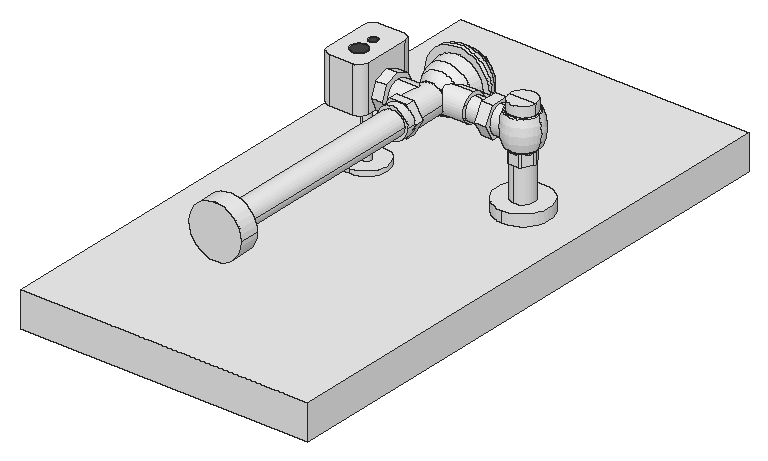
Revit family "Flush_Valve-sensor-Hardwired-Zurn-Exposed-Water_closet-ZEMS6000AV-IS", category Plumbing Fixtures, host Face, Revit 2022
Family settings
  Host = Face
  Round Connector Dimension = Use Radius
  Part Type = Normal
  OmniClass Number = 23.45.05.14.99
  OmniClass Title = Other Sanitary Washing Plumbing Fixtures
  Cut with Voids When Loaded = No
  Maintain Annotation Orientation = No
  Shared = No
  Room Calculation Point = No
Parameters (values of type "Load Family Type Catalog")
  Waste Connection = 1 = 0  # no
  WFU = 0  # constant formula
  Vent Connection = 1 = 0  # no
  Valve Height [instance] = 16.00"
  Type Comments = "ZEMS6000AV-ONE-IS (1.1 GPF, 11-1/2\" R-I)"
  Repair Parts URL = "https://files.zurn.com/care-cleaning-install-warranty-sheets/fv343.pdf#page=9"
  Product data URL = "https://www.bimobject.com/en-us/zurnindustries/product/zurn_zems6000av-is"
  Product Page URL = "https://www.zurn.com/products/finish-plumbing/sensor-flush-valves/gear-driven-hardwire/zems6000av-is"
  Product Installation Sheet URL = "https://files.zurn.com/care-cleaning-install-warranty-sheets/fv343.pdf"
  Product Documentation Link = "https://files.zurn.com/spec-sheets/zems6000av-is_spec.pdf"
  Operating Water Pressure (PSI) = "25 – 80 PSI (172 – 552 kPa)"  # constant formula
  Modified Date = "01/08/2026"  # constant formula
  Max Working Water Temperature = 104 °F  # constant formula
  Manufacturer Brand = "Zurn"  # constant formula
  Main Material = Chrome-Plated Brass - Zurn - Polished
  Inlet Connection Size (inch) = 1.00"
  HWFU = 0  # constant formula
  HW Connection = 1 = 0  # no
  Flush Rate (GPF) = "1.1 GPF"
  Enter Value of  Centerline of Flush Valve to Wall (2.25- 4.25) [instance] = 5.00"
  URL = "https://www.zurn.com/"
  Model = "ZEMS6000AV-IS"  # constant formula
  Manufacturer = "Zurn Water, LLC"  # constant formula
  Description = "Exposed Hardwired Automatic Sensor Flush Valve Closet with Integral Sensor"  # constant formula
  Default Elevation = 48.00"
  Date Created = "01/08/2026"  # constant formula
  Centerline of Stop Valve to Centerline of Flush Valve = 4.75"  # constant formula
  Centerline of Flush Valve to Wall [instance] = if([Enter Value of  Centerline of Flush Valve to Wall (2.25- 4.25)] < 2.25", 2.25", if([Enter Value of  Centerline of Flush Valve to Wall (2.25- 4.25)] > 4.25", 4.25", [Enter Value of  Centerline of Flush Valve to Wall (2.25- 4.25)]))  # 4.25"
  CWFU = 1  # constant formula
  CW Connection = 1 = 1  # yes
  Assembly Code = "D2010.60"
  Activation Method = "Sensor Operated"  # constant formula
Reference planes (in)
  plane 1 "Center (Front/Back)": y = 0
  plane 2: z = 0
  plane 3 "Center (Left/Right)": x = 0
  plane 4: y = 0
  plane 5: x = 4.75
  plane 6: z = 4.25
  plane 7: z = 4.25
  plane 8: x = 1.44
  plane 9: z = 4.25
  plane 10: y = 22.38
  plane 11: x = -1.2
  plane 12: x = -1.5
  plane 13: y = 13.63
  plane 14: y = 13.13
  plane 15: y = 12.63
  plane 16: z = -2
  plane 17: y = 16
  plane 18: z = 0.625
  plane 19: y = 10.515
  plane 20: y = 9.95
  plane 21: z = 0.25
  plane 22: y = 14.9793
Forms (in)
  Extrusion 1, solid, material "Chrome-Plated Brass - Zurn - Polished" <- "Main Material"
    sketch origin (20.08675, -5.08734, 0) x (1, 0, 0) y (0, 1, 0)
      loop
        line (-28.30267, 32.83734) -> (-28.30267, 1.43535) -> (-11.87083, 1.43535) -> (-11.87083, 32.83734) -> (-28.30267, 32.83734)
    from 0 to -2
  Revolve 2, solid, material "Chrome-Plated Brass - Zurn - Polished" <- "Main Material"
    sketch origin (3.14024, -180, 4.25) x (-1, 0, 0) y (0, -1, 0)
      loop
        line (3.14024, -192.63) -> (3.14024, -181.34) -> (2.45274, -181.34) -> (2.45274, -192.63) -> (3.14024, -192.63)
      axis (3.14024, -192.63) -> (3.14024, -181.34)
    angle from 0 to 360
  Extrusion 3, solid, material "Chrome-Plated Brass - Zurn - Polished" <- "Main Material", detail levels fine
    sketch origin (-21.97181, 22.38, 48) x (-1, 0, 0) y (0, 0, 1)
      loop
        line (-22.4168, -42.871) -> (-22.92429, -43.75) -> (-22.4168, -44.629) -> (-21.33031, -44.629) -> (-20.82733, -43.86605) -> (-21.40182, -42.871) -> (-22.4168, -42.871)
    from -8.75 to -9.25
  Extrusion 4, solid, material "Chrome-Plated Brass - Zurn - Polished" <- "Main Material", detail levels fine
    sketch origin (0, 0, 0) x (1, 0, 0) y (0, 0, 1)
      loop
        circle (0, 4.25) r 0.86693
    from -13.13 to -12.63
  Extrusion 5, solid, material "Chrome-Plated Brass - Zurn - Polished" <- "Main Material"
    sketch origin (0, 18.18451, 4.25) x (0, 1, 0) y (-1, 0, 0)
      loop
        circle (-2.18451, -4.75) r 1.5
    from -3.625 to -4.25
  Extrusion 6, solid, material "Chrome-Plated Brass - Zurn - Polished" <- "Main Material"
    sketch origin (0, 18.18451, 4.25) x (0, 1, 0) y (-1, 0, 0)
      loop
        circle (-2.18451, -4.75) r 0.625
    from 0 to -3.625
  Extrusion 7, solid, material "Chrome-Plated Brass - Zurn - Polished" <- "Main Material", detail levels coarse+medium
    sketch origin (0, 0, 0) x (1, 0, 0) y (0, 0, 1)
      loop
        circle (0, 4.25) r 1.08
    from -13.63 to -12.63
  Extrusion 8, solid, material "Chrome-Plated Brass - Zurn - Polished" <- "Main Material"
    sketch origin (0, 18.18451, 4.25) x (0, 1, 0) y (-1, 0, 0)
      loop
        circle (-3.20521, 3.3665) r 0.25
    from -4.25 to 0.879
  Extrusion 9, solid, material "Chrome-Plated Brass - Zurn - Polished" <- "Main Material"
    sketch origin (0, 18.18451, 4.25) x (0, 1, 0) y (-1, 0, 0)
      loop
        circle (-3.20521, 3.3665) r 1.2
    from -4.25 to -4
Lines and regions (in)
  Masking region 1
    outline origin (0, 0, 0) x (1, 0, 0) y (0, 0, 1)
      loop
        line (-2.14, 5.3063) -> (-2.14, 6.1) -> (-4.5305, 6.1) -> (-4.5305, 0) -> (-2.2025, 0) -> (-2.2025, 3.1937) -> (-1.5, 3.1937)
        arc (-1.5, 3.1937) -> (0.15878, 2.42228) -> (1.65968, 3.4682) r 1.8346
        line (1.65968, 3.4682) -> (2.82524, 3.4682) -> (2.82524, 3.24) -> (3.67284, 3.24) -> (3.67284, 0.625) -> (3.25, 0.625) -> (3.25, 0) -> (6.25, 0) -> (6.25, 0.625) -> (5.84, 0.625) -> (5.84, 5.7) -> (3.66, 5.7) -> (3.66, 5.26) -> (2.82524, 5.26) -> (2.82524, 5.03116) -> (1.65999, 5.03116)
        arc (1.65999, 5.03116) -> (0.15914, 6.07769) -> (-1.5, 5.3063) r 1.8346
        line (-1.5, 5.3063) -> (-2.14, 5.3063)
  symbolic lines, detail levels fine
    curve 1: arc (16.13166, 1.53838, 0) -> (16.10438, 1.57544, 0) -> (16.06088, 1.56041, 0) r 0.03882
    curve 2: arc (16.01901, -1.49785, 0) -> (16.0878, -1.52321, 0) -> (16.13166, -1.46447, 0) r 0.06127
Dimensions and locks (in)
  locked: plane 4 to plane 1 "Center (Front/Back)"
  "Centerline of Stop Valve to Centerline of Flush Valve": plane 3 "Center (Left/Right)" to plane 5
  "Centerline of Flush Valve to Wall": plane 6 to Extrusion 1
  locked: plane 7 to plane 6
  locked: plane 3 "Center (Left/Right)" to plane 8 at 1.44
  locked: nested 2 to plane 9 at 1.45
  locked: nested 3 to Revolve 2 sketch curve at 0.75
  locked: plane 11 to plane 3 "Center (Left/Right)" at 1.2
  locked: plane 12 to plane 3 "Center (Left/Right)" at 1.5
  locked: plane 14 to plane 15 at 0.5
  equal spacing: Extrusion 1 sketch curve, plane 3 "Center (Left/Right)", Extrusion 1 sketch curve
  locked: Extrusion 1 sketch curve to Extrusion 1 sketch curve at 16.43183
  locked: plane 4 to Extrusion 1 sketch curve at 3.652
  locked: level to plane 16 at 2
  "Valve Height": plane 17 to plane 4
  locked: plane 18 to level at 0.625
  locked: plane 15 to plane 19 at 2.115
  locked: plane 15 to plane 20 at 2.68
  locked: plane 13 to plane 14 at 0.5
  locked: plane 17 to plane 13 at 2.37
  equal spacing: Masking region 1 sketch curve, nested 3, Masking region 1 sketch curve
  locked: Masking region 1 sketch curve to Masking region 1 sketch curve at 2.1126
  equal spacing: Masking region 1 sketch curve, plane 5, Masking region 1 sketch curve  (x2)
  locked: Masking region 1 sketch curve to Masking region 1 sketch curve at 2.18
  locked: Masking region 1 sketch curve to Masking region 1 sketch curve at 3
  equal spacing: Masking region 1 sketch curve, plane 9, Masking region 1 sketch curve
  locked: Masking region 1 sketch curve to Masking region 1 sketch curve at 2.02
  locked: plane 21 to Extrusion 1 at 0.25
  locked: plane 17 to plane 22 at 1.0207
  aligned and locked: nested 1 to plane 3 "Center (Left/Right)"
  aligned and locked: nested 1 to plane 4
  aligned and locked: nested 1 to plane 7
  aligned and locked: nested 3 to plane 6
  aligned and locked: plane 7 to plane 9
  aligned and locked: Revolve 2 sketch curve to plane 3 "Center (Left/Right)"
  aligned and locked: Extrusion 3 sketch curve to nested 3  (x5)
  aligned and locked: Extrusion 3 to plane 14
  aligned and locked: nested 1 to Extrusion 4 sketch curve  (x2)
  aligned and locked: Extrusion 4 to Extrusion 3
  aligned and locked: Extrusion 4 to plane 15
  aligned and locked: plane 17 to nested 2
  aligned and locked: plane 5 to Extrusion 5 sketch curve
  aligned and locked: plane 17 to Extrusion 5 sketch curve
  aligned and locked: Extrusion 5 to Extrusion 1
  aligned and locked: plane 18 to Extrusion 5
  aligned and locked: nested 2 to Extrusion 6 sketch curve
  aligned and locked: plane 17 to Extrusion 6 sketch curve
  aligned and locked: Extrusion 6 to Extrusion 5
  aligned and locked: nested 3 to Extrusion 6
  aligned and locked: Revolve 2 sketch curve to Extrusion 4
  aligned and locked: Revolve 2 sketch curve to Revolve 2 sketch curve
  aligned and locked: nested 3 to plane 17
  aligned and locked: plane 13 to Extrusion 3
  aligned and locked: nested 1 to Extrusion 7 sketch curve  (x2)
  aligned and locked: plane 13 to Extrusion 7
  aligned and locked: Extrusion 7 to plane 15
  aligned and locked: Masking region 1 sketch curve to nested 2  (x3)
  aligned and locked: Extrusion 1 to Masking region 1 sketch curve
  aligned and locked: Masking region 1 sketch curve to Extrusion 5  (x2)
  aligned and locked: plane 3 "Center (Left/Right)" to Masking region 1 sketch curve
  aligned and locked: nested 1 to Masking region 1 sketch curve  (x3)
  aligned and locked: Extrusion 8 to Extrusion 1
  aligned and locked: Extrusion 3 to Extrusion 8
  aligned and locked: Extrusion 9 to Extrusion 1
  aligned and locked: Extrusion 9 to plane 21
  aligned and locked: nested 4 to nested 3
  aligned and locked: plane 22 to nested 4
  aligned and locked: nested 4 to nested 4
  aligned and locked: nested 4 to plane 7
  aligned and locked: Revolve 2 sketch curve to nested 1
Automatic sketch dimensions
  plane 1 "Center (Front/Back)" to curve 2 = 1.46447"
  plane 5 to curve 2 = 11.32039"
  curve 2 to curve 1 = 0.02245"
  curve 1 to plane 1 "Center (Front/Back)" = 1.53838"
  curve 2 to curve 2 = 0.05138"
  curve 1 to curve 1 = 0.03196"
  curve 1 to curve 1 = 0.03882"
  curve 2 to curve 2 = 0.06127"
  Extrusion 3 sketch curve to plane 3 "Center (Left/Right)" = 0.6415"
  Extrusion 3 sketch curve to plane 6 = 0.11605"
  Extrusion 1 sketch curve to Extrusion 1 sketch curve = 31.402"
  Extrusion 8 sketch curve to plane 17 = 1.0207"
  Extrusion 8 sketch curve to plane 12 = 1.8665"
  Extrusion 9 sketch curve to plane 17 = 1.0207"
  Extrusion 9 sketch curve to plane 12 = 1.8665"
  Masking region 1 sketch curve to level = 0.00"
  Masking region 1 sketch curve to plane 12 = 0.00"  (x2)
  Masking region 1 sketch curve to Masking region 1 sketch curve = 0.64"
  Masking region 1 sketch curve to Masking region 1 sketch curve = 0.7025"
  plane 8 to Masking region 1 sketch curve = 0.21968"
  plane 8 to Masking region 1 sketch curve = 0.21999"
  Masking region 1 sketch curve to Masking region 1 sketch curve = 0.8476"
  Masking region 1 sketch curve to Masking region 1 sketch curve = 0.7937"
  Masking region 1 sketch curve to Masking region 1 sketch curve = 2.328"
  Revolve 2 sketch curve to plane 15 = 0.00"
  plane 1 "Center (Front/Back)" to Revolve 2 sketch curve = 0.69"
  radius of Extrusion 4 sketch curve = 0.86693"
  radius of Extrusion 5 sketch curve = 1.50"
  radius of Extrusion 6 sketch curve = 0.625"
  radius of Extrusion 7 sketch curve = 1.08"
  radius of Extrusion 8 sketch curve = 0.25"
  radius of Extrusion 9 sketch curve = 1.20"
Nested families (in)
  nested 1: "1.Part_Tube_ genric" at (0, -3.28111, 4.25) x (-1, 0, 0) z (0, 1, 0), type "1.Part_Tube_ genric"
  nested 2: "3. Stop Valve" at (4.75, 16, 4.2375) x (-1, 0, 0) z (0, 0, 1), type "Family2"
  nested 3: "Manual FV-Head" at (-0.0625, 13.6333, 4.25) x (-1, 0, 0) z (0, 1, 0), type "Manual FV-Head"
  nested 4: "-IS Actuator" at (-3.3665, 9.89319, 6.1) x (1, 0, 0) z (0, 1, 0), type "-IS Actuator"
Connectors (in)
  piping at (4.75, 16, 0), diameter 2, driven by "Inlet Connection Size (inch)", driven by "CW Connection"
    settings: on Extrusion 5, index 1, connector inside diameter 24", connector length 0.00", flow factor 0, pipe flow 0 GPM, pressure drop 0.00 psi, fitting loss kfactor 0, connector angle 0.00°, fixture units 0, engagement length 0.00", angle of deflection 0.00°, flow configuration 0, flow direction 1, fitting loss method 0, system type 20, joint type 0, gender type 0, connector reference index -1, connector utility 1, adjustable connector no, is connector primary yes, connector description "Domestic Water inlet"
Definition of nested family "1.Part_Tube_ genric"
  Parameters (values of type "1.Part_Tube_ genric")
    Default Elevation = 48.00"
  Reference planes (in)
    plane 1 "Center (Front/Back)": y = 0
    plane 2: z = 3.28111
    plane 3 "Center (Left/Right)": x = 0
    plane 4: x = -1.5
    plane 5: x = 1.5
    plane 6: z = 4.37111
    plane 7: z = 4.62111
  Forms (in)
    Extrusion 1, solid, detail levels fine
      sketch origin (0, 0, 3.28111) x (1, 0, 0) y (0, 1, 0)
        loop
          circle (0, 0) r 1.5
      from 0 to 1.09
    Extrusion 2, solid, detail levels fine
      sketch origin (0, 0, 3.28111) x (1, 0, 0) y (0, 1, 0)
        loop
          line (1.14898, -0.00001) -> (0.57452, 0.995) -> (-0.57453, 0.995) -> (-1.14898, 0.00001) -> (-0.57452, -0.995) -> (0.57453, -0.995) -> (1.14898, -0.00001)
      from 1.09 to 1.34
    Revolve 3, solid, detail levels coarse+medium
      sketch origin (0, 0, 0) x (1, 0, 0) y (0, 0, 1)
        loop
          line (-1.14898, 4.62111) -> (-1.14898, 4.37111) -> (-1.5, 4.37111) -> (-1.5, 3.28111) -> (0, 3.28111) -> (0, 4.62111) -> (-1.14898, 4.62111)
        axis (0, 4.62111) -> (0, 3.28111)
      angle from 0 to 360
  Dimensions and locks (in)
    equal spacing: plane 5, plane 3 "Center (Left/Right)", plane 4, locked at 1.5 each
    locked: plane 3 "Center (Left/Right)" to plane 4 at 1.5
    locked: plane 6 to level at 1.09
    locked: plane 7 to plane 6 at 0.25
    equal spacing: Extrusion 2 sketch curve, plane 1 "Center (Front/Back)", Extrusion 2 sketch curve
    locked: Extrusion 2 sketch curve to Extrusion 2 sketch curve at 1.99
    equal spacing: Extrusion 2 sketch curve, plane 3 "Center (Left/Right)", Extrusion 2 sketch curve  (x2)
    locked: Extrusion 2 sketch curve to Extrusion 2 sketch curve at 1.99011
    locked: Extrusion 2 sketch curve to Extrusion 2 sketch curve at 1.99009
    locked: Extrusion 2 sketch curve to Extrusion 2 sketch curve (angle 120.00°)  (x5)
    angle Extrusion 2 sketch curve to Extrusion 2 sketch curve = 120.00°
    aligned and locked: plane 2 to level
    aligned and locked: plane 3 "Center (Left/Right)" to Extrusion 1 sketch curve
    aligned and locked: plane 1 "Center (Front/Back)" to Extrusion 1 sketch curve
    aligned and locked: plane 6 to Extrusion 1
    aligned and locked: plane 7 to Extrusion 2
    aligned and locked: Extrusion 2 to Extrusion 1
    aligned and locked: Revolve 3 sketch curve to Extrusion 2
    aligned and locked: plane 6 to Revolve 3 sketch curve
    aligned and locked: Revolve 3 sketch curve to plane 4
    aligned and locked: Revolve 3 sketch curve to level
    aligned and locked: Revolve 3 sketch curve to plane 3 "Center (Left/Right)"  (x2)
    aligned and locked: Extrusion 2 to Revolve 3 sketch curve
  Automatic sketch dimensions
    Revolve 3 sketch curve to level = 0.41"
    plane 7 to Revolve 3 sketch curve = 0.50"
    radius of Extrusion 1 sketch curve = 1.50"
Definition of nested family "3. Stop Valve"
  Parameters (values of type "Family2")
    Default Elevation = 0.00"
  Reference planes (in)
    plane 1 "Center (Front/Back)": y = 0
    plane 2: z = 0
    plane 3 "Center (Left/Right)": x = 0
  Dimensions and locks (in)
    aligned and locked: plane 2 to level
  Nested families (in)
    nested 1: "Stop Valve_ plumbing Fixture_ Genric Template" at (0, 0, 0) x (-1, 0, 0) z (0, -1, 0), type "3.Part_ Stop Valve"
  Definition of nested family "Stop Valve_ plumbing Fixture_ Genric Template"
    Parameters (values of type "3.Part_ Stop Valve")
      Stop Body Finish = none
      Default Elevation = 48.00"
      Assembly Code = ""
    Reference planes (in)
      plane 1 "Center (Front/Back)": y = 0
      plane 2: z = 0
      plane 3 "Center (Left/Right)": x = 0
      plane 4: x = -3.1
      plane 5 "Middle Plane": z = 0
      plane 6: x = 0
      plane 7: x = -3.1
    Forms (in)
      Revolve 1, solid, material <- "Stop Body Finish", detail levels fine
        sketch origin (5.11008, 2.28141, 0) x (-1, 0, 0) y (0, -1, 0)
          loop
            line (4.36008, 3.18991) -> (4.25498, 3.18991)
            arc (4.25498, 3.18991) -> (4.22986, 3.18245) -> (4.21289, 3.16248) r 0.046
            arc (4.21289, 3.16248) -> (4.03022, 2.31942) -> (4.19363, 1.47241) r 2.15
            line (4.19363, 1.47241) -> (4.27508, 1.47241)
            arc (4.27508, 1.47241) -> (4.36347, 1.4358) -> (4.40008, 1.34741) r 0.125
            line (4.40008, 1.34741) -> (4.40008, 1.29134) -> (4.46008, 1.18741) -> (5.11008, 1.18741) -> (5.11008, 3.74391) -> (4.36008, 3.74391) -> (4.36008, 3.18991)
          axis (5.11008, 3.74391) -> (5.11008, 1.18741)
        angle from 0 to 360
      Revolve 2, solid, material <- "Stop Body Finish", detail levels fine
        sketch origin (5.11008, 2.29491, 0) x (-1, 0, 0) y (0, -1, 0)
          loop
            line (6.40484, 2.29491) -> (6.40484, 3.07741) -> (4.98008, 3.07741) -> (4.98008, 2.29491) -> (6.40484, 2.29491)
          axis (4.98008, 2.29491) -> (6.40484, 2.29491)
        angle from 0 to 360
      Extrusion 3, solid, material <- "Stop Body Finish", detail levels fine
        sketch origin (0, 0.96642, 0) x (1, 0, 0) y (0, 0, -1)
          loop
            line (-0.70575, -0.07761) -> (-0.42009, -0.57239)
            arc (-0.42009, -0.57239) -> (-0.355, -0.61488) -> (-0.28566, -0.65) r 0.71
            line (-0.28566, -0.65) -> (0.28566, -0.65)
            arc (0.28566, -0.65) -> (0.355, -0.61488) -> (0.42009, -0.57239) r 0.71
            line (0.42009, -0.57239) -> (0.70575, -0.07761)
            arc (0.70575, -0.07761) -> (0.71, 0) -> (0.70575, 0.07761) r 0.71
            line (0.70575, 0.07761) -> (0.42009, 0.57239)
            arc (0.42009, 0.57239) -> (0.355, 0.61488) -> (0.28566, 0.65) r 0.71
            line (0.28566, 0.65) -> (-0.28566, 0.65)
            arc (-0.28566, 0.65) -> (-0.355, 0.61488) -> (-0.42009, 0.57239) r 0.71
            line (-0.42009, 0.57239) -> (-0.70575, 0.07761)
            arc (-0.70575, 0.07761) -> (-0.71, 0) -> (-0.70575, -0.07761) r 0.71
        from 0 to 0.70508
      Extrusion 4, solid, material <- "Stop Body Finish", detail levels fine
        sketch origin (-1.29476, 0, 0) x (0, 0, -1) y (0, -1, 0)
          loop
            line (-0.50085, 0.8675) -> (-1.0017, 0) -> (-0.50085, -0.8675) -> (0.50085, -0.8675) -> (1.0017, 0) -> (0.50085, 0.8675) -> (-0.50085, 0.8675)
        from 0 to 0.63
      Extrusion 5, solid, detail levels fine
        sketch origin (-1.92476, 0, 0) x (0, 0, -1) y (0, -1, 0)
          loop
            circle (0, 0) r 0.6385
        from 0 to 1.17524
      Extrusion 6, solid, detail levels coarse+medium
        sketch origin (0, 0, 0) x (1, 0, 0) y (0, 0, 1)
          loop
            circle (0, 0) r 1.085
        from 1.4625 to -1.6715
      Revolve 7, solid, detail levels coarse+medium
        sketch origin (0, 0, 0) x (1, 0, 0) y (0, 1, 0)
          loop
            line (-3.1, 0) -> (0, 0) -> (0, 0.7825) -> (-1.29476, 0.7825) -> (-1.29476, 0.995) -> (-1.92476, 0.995) -> (-1.92476, 0.64096) -> (-3.1, 0.64096) -> (-3.1, 0)
          axis (-3.1, 0) -> (0, 0)
        angle from 0 to 360
    Cuts and joins
      joined: Revolve 1, Revolve 2, Extrusion 3, Extrusion 4
    Lines and regions (in)
      model lines, not visible
        curve 1: circle (0, -1.4625, 0) r 0.75 normal (0, -1, 0)
        curve 2: circle (0, 1.6715, 0.02784) r 0.71055 normal (0, -1, 0)
        curve 3: line (-1.29476, -0.7825, 0) -> (-0.93627, -0.7825, 0)
        curve 4: line (-0.93627, -0.7825, 0) -> (-0.89082, -0.9085, 0)
        curve 5: line (-0.75, -1.4625, 0) -> (-0.75, -0.9085, 0)
        curve 8: arc (0.86386, -0.9085, 0) -> (1.07581, -0.05543, 0) -> (0.91645, 0.809, 0) r 2.07986
        curve 9: line (0.71055, 1.6715, 0) -> (0.71055, 0.809, 0)
        curve 10: line (-0.71, 1.6715, 0) -> (-0.71, 0.809, 0)
        curve 11: line (-0.92722, 0.7825, 0) -> (-1.29476, 0.7825, 0)
      model lines, not visible, detail levels coarse+medium
        curve 6: line (0.75, -1.4625, 0) -> (0.75, -0.9085, 0)
        curve 7: line (0.75, -0.9085, 0) -> (0.86386, -0.9085, 0)
    Dimensions and locks (in)
      plane 3 "Center (Left/Right)" to plane 4 = 3.10"
      locked: plane 1 "Center (Front/Back)" to Revolve 7 sketch curve at 0.64096
      plane 1 "Center (Front/Back)" to Revolve 7 sketch curve = 0.995"
      locked: plane 5 "Middle Plane" to level
      locked: plane 6 to plane 3 "Center (Left/Right)"
      locked: plane 7 to plane 6 at 3.1
      aligned and locked: level to plane 2
      aligned and locked: plane 1 "Center (Front/Back)" to Extrusion 5 sketch curve
      aligned and locked: level to Extrusion 5 sketch curve
      aligned and locked: Extrusion 5 to plane 4
      aligned and locked: plane 3 "Center (Left/Right)" to Extrusion 6 sketch curve
      aligned and locked: level to Extrusion 6 sketch curve
      aligned and locked: Extrusion 6 to curve 2
      aligned and locked: Extrusion 6 to curve 1
      aligned and locked: Revolve 7 sketch curve to plane 3 "Center (Left/Right)"
      aligned and locked: plane 1 "Center (Front/Back)" to Revolve 7 sketch curve  (x2)
      aligned and locked: Revolve 7 sketch curve to cut or joined group of Revolve 1, Revolve 2, Extrusion 3, Extrusion 4  (x2)
      aligned and locked: Revolve 7 sketch curve to curve 11
      aligned and locked: plane 4 to Revolve 7 sketch curve
Definition of nested family "Manual FV-Head"
  Parameters (values of type "Manual FV-Head")
    Repair Parts URL = ""
    Product data URL = ""
    Product Weight (lbs) = 0
    Product Page URL = ""
    Product Installation Sheet URL = ""
    Product Documentation Link = ""
    Operating Water Pressure (PSI) = ""
    Modified Date = ""
    Max Working Water Temperature = -459.67 °F
    Manufacturer Brand = ""
    Main Material = none
    Inlet Connection Size (inch) = 0.00"
    Flush Rate (GPF) = ""
    Flow Rate (GPM) = 0 GPM
    Default Elevation = 48.00"
    Date Created = ""
    Aerator Flow Rate (GPM) = 0.0 gal
    Activation Method = ""
  Reference planes (in)
    plane 1 "Center (Front/Back)": y = 0
    plane 2: z = 0
    plane 3 "Center (Left/Right)": x = 0
    plane 4: z = 3.703
    plane 5: z = 4.843
    plane 6: x = 1.8325
    plane 7: x = 1.25
    plane 8: z = 4.07
    plane 9: z = 4.843
    plane 10: z = 5.113
    plane 11: x = -1.452
    plane 12: x = -0.8395
    plane 13: z = 2.69
    plane 14: z = 1.346
    plane 15: z = 1.261
    plane 16: x = 1.45
    plane 17: x = 2.14
    plane 18: x = 2.74
    plane 19: x = 5.75
    plane 20: z = 2.3667
    plane 21: x = -2
  Forms (in)
    Revolve 1, solid, material <- "Main Material", detail levels fine
      sketch origin (0, 0, 0) x (1, 0, 0) y (0, 0, 1)
        loop
          line (0, 3.703) -> (1.8325, 3.703) -> (1.8325, 3.9027)
          arc (1.8325, 3.9027) -> (1.80666, 4.06135) -> (1.73182, 4.20361) r 0.5
          line (1.73182, 4.20361) -> (1.40003, 4.64391)
          arc (1.40003, 4.64391) -> (1.22381, 4.79047) -> (1.00071, 4.843) r 0.5
          line (1.00071, 4.843) -> (0, 4.843) -> (0, 3.703)
        axis (0, 4.843) -> (0, 3.703)
      angle from 0 to 360
    Extrusion 2, solid, material <- "Main Material", detail levels fine
      sketch origin (0, 0, 0) x (1, 0, 0) y (0, 1, 0)
        loop
          line (-0.50749, 0.879) -> (-1.01498, 0) -> (-0.50749, -0.879) -> (0.50749, -0.879) -> (1.01498, 0) -> (0.50749, 0.879) -> (-0.50749, 0.879)
      from 4.843 to 5.113
    Revolve 3, solid, material <- "Main Material", detail levels fine
      sketch origin (0, 0, 0) x (1, 0, 0) y (0, 0, 1)
        loop
          line (0, 1.8) -> (0, 3.703) -> (-1.452, 3.703) -> (-1.33315, 2.99744)
          arc (-1.33315, 2.99744) -> (-1.25374, 2.71616) -> (-1.11572, 2.45853) r 1.35193
          arc (-1.11572, 2.45853) -> (-0.91135, 2.15706) -> (-0.8395, 1.8) r 0.92309
          line (-0.8395, 1.8) -> (0, 1.8)
        axis (0, 3.703) -> (0, 1.8)
      angle from 0 to 360
    Extrusion 4, solid, material <- "Main Material"
      sketch origin (0, 0, 0) x (0, 1, 0) y (0, 0, 1)
        loop
          circle (0, 1.261) r 0.764
      from 0 to 1.45
    Extrusion 5, solid, material <- "Main Material"
      sketch origin (0, 0, 0) x (0, 1, 0) y (0, 0, 1)
        loop
          circle (0, 1.261) r 0.639
      from 2.14 to 2.74
    Extrusion 6, solid, material <- "Main Material", detail levels coarse+medium
      sketch origin (0, 0, 0) x (0, 1, 0) y (0, 0, 1)
        loop
          circle (0, 1.261) r 1.0563
      from 2.14 to 1.45
    Revolve 7, solid, material <- "Main Material", detail levels coarse+medium
      sketch origin (0, 0, 0) x (1, 0, 0) y (0, 0, 1)
        loop
          line (0, 1.8) -> (0.8395, 1.8)
          arc (0.8395, 1.8) -> (1.2915, 2.70924) -> (1.5, 3.703) r 4
          line (1.5, 3.703) -> (1.8484, 3.703) -> (1.8484, 4.843) -> (1.01498, 4.843) -> (1.01498, 5.113) -> (0, 5.113) -> (0, 1.8)
        axis (0, 5.113) -> (0, 1.8)
      angle from 0 to 360
    Extrusion 8, solid, material <- "Main Material"
      sketch origin (0, 0, 0) x (1, 0, 0) y (0, 1, 0)
        loop
          circle (0, 0) r 0.8143
      from 0 to 1.8
    Extrusion 9, solid, material <- "Main Material", detail levels fine
      sketch origin (0, 0, 0) x (0, 1, 0) y (0, 0, 1)
        loop
          line (0, 2.311) -> (-0.74246, 2.00346) -> (-1.05, 1.261) -> (-0.74246, 0.51854) -> (0, 0.211) -> (0.74246, 0.51854) -> (1.05, 1.261) -> (0.74246, 2.00346) -> (0, 2.311)
      from 1.45 to 2.14
    Extrusion 10, solid, material <- "Main Material"
      sketch origin (0, 0, 0) x (0, 1, 0) y (0, 0, 1)
        loop
          circle (0, 2.3667) r 0.7813
      from -2 to 0
  Dimensions and locks (in)
    locked: level to plane 4 at 3.703
    locked: plane 4 to plane 5 at 1.14
    locked: plane 4 to plane 8 at 0.367
    equal spacing: Extrusion 2 sketch curve, plane 3 "Center (Left/Right)", Extrusion 2 sketch curve, locked at 1.01498 each
    equal spacing: Extrusion 2 sketch curve, plane 3 "Center (Left/Right)", Extrusion 2 sketch curve, locked at 0.879 each  (x2)
    locked: plane 9 to plane 4 at 1.14
    locked: plane 10 to plane 9 at 0.27
    locked: plane 3 "Center (Left/Right)" to plane 11 at 1.452
    locked: plane 3 "Center (Left/Right)" to plane 12 at 0.8395
    locked: plane 13 to level at 2.69
    locked: Revolve 3 sketch curve to plane 13 at 0.532
    locked: plane 13 to Revolve 3 sketch curve at 0.89
    equal spacing: plane 3 "Center (Left/Right)", Revolve 3 sketch curve, Revolve 3 sketch curve
    locked: plane 14 to level at 1.346
    locked: plane 15 to level at 1.261
    equal spacing: Extrusion 2 sketch curve, plane 1 "Center (Front/Back)", Extrusion 2 sketch curve, locked at 0.879 each
    locked: Revolve 7 sketch curve to plane 3 "Center (Left/Right)" at 1.8484
    locked: Revolve 7 sketch curve to Revolve 7 sketch curve at 2.48735
    locked: Revolve 7 sketch curve to plane 4 at 0.31782
    equal spacing: Extrusion 9 sketch curve, plane 15, Extrusion 9 sketch curve  (x4)
    locked: Extrusion 9 sketch curve to Extrusion 9 sketch curve at 1.94015  (x4)
    locked: plane 16 to plane 3 "Center (Left/Right)" at 1.45
    locked: plane 17 to plane 16 at 0.69
    locked: plane 18 to plane 3 "Center (Left/Right)" at 2.74
    locked: plane 19 to plane 3 "Center (Left/Right)" at 5.75
    locked: plane 20 to level at 2.3667
    locked: plane 3 "Center (Left/Right)" to plane 21 at 2
    radius of Extrusion 8 sketch curve = 0.8143"
    locked: Extrusion 2 sketch curve to Extrusion 2 sketch curve (angle 120.00°)  (x4)
    angle Extrusion 2 sketch curve to Extrusion 2 sketch curve = 120.00°
    locked: Extrusion 9 sketch curve to Extrusion 9 sketch curve (angle 135.00°)  (x7)
    angle Extrusion 9 sketch curve to Extrusion 9 sketch curve = 135.00°
    aligned and locked: plane 2 to level
    aligned and locked: Revolve 1 sketch curve to plane 3 "Center (Left/Right)"  (x2)
    aligned and locked: plane 5 to Revolve 1 sketch curve
    aligned and locked: Extrusion 2 to plane 9
    aligned and locked: plane 10 to Extrusion 2
    aligned and locked: plane 11 to Revolve 3 sketch curve
    aligned and locked: plane 12 to Revolve 3 sketch curve
    aligned and locked: Revolve 3 sketch curve to Revolve 3 sketch curve
    aligned and locked: plane 3 "Center (Left/Right)" to Revolve 3 sketch curve
    aligned and locked: plane 4 to Revolve 3 sketch curve
    aligned and locked: Revolve 3 sketch curve to plane 3 "Center (Left/Right)"
    aligned and locked: plane 15 to Extrusion 4 sketch curve
    aligned and locked: plane 1 "Center (Front/Back)" to Extrusion 4 sketch curve
    aligned and locked: plane 1 "Center (Front/Back)" to Extrusion 5 sketch curve
    aligned and locked: plane 15 to Extrusion 5 sketch curve
    aligned and locked: plane 1 "Center (Front/Back)" to Extrusion 6 sketch curve
    aligned and locked: plane 15 to Extrusion 6 sketch curve
    aligned and locked: Revolve 7 sketch curve to Extrusion 2
    aligned and locked: plane 10 to Revolve 7 sketch curve
    aligned and locked: Revolve 7 sketch curve to plane 3 "Center (Left/Right)"  (x2)
    aligned and locked: Revolve 7 sketch curve to plane 4
    aligned and locked: plane 9 to Revolve 7 sketch curve
    aligned and locked: Revolve 3 to Revolve 7 sketch curve
    aligned and locked: plane 3 "Center (Left/Right)" to Extrusion 8 sketch curve
    aligned and locked: plane 1 "Center (Front/Back)" to Extrusion 8 sketch curve
    aligned and locked: Extrusion 8 to Revolve 3
    aligned and locked: Extrusion 8 to level
    aligned and locked: plane 16 to Extrusion 4
    aligned and locked: Extrusion 4 to plane 3 "Center (Left/Right)"
    aligned and locked: plane 17 to Extrusion 9
    aligned and locked: Extrusion 9 to Extrusion 4
    aligned and locked: plane 18 to Extrusion 5
    aligned and locked: Extrusion 5 to Extrusion 9
    aligned and locked: Extrusion 6 to Extrusion 9
    aligned and locked: plane 1 "Center (Front/Back)" to Extrusion 10 sketch curve
    aligned and locked: plane 20 to Extrusion 10 sketch curve
    aligned and locked: plane 3 "Center (Left/Right)" to Extrusion 10
    aligned and locked: Extrusion 10 to plane 21
  Automatic sketch dimensions
    plane 1 "Center (Front/Back)" to Extrusion 2 sketch curve = 0.00"
    Extrusion 2 sketch curve to plane 3 "Center (Left/Right)" = 0.50749"
    plane 6 to Revolve 1 sketch curve = 0.00"
    Revolve 1 sketch curve to plane 4 = 0.00"
    plane 7 to Revolve 1 sketch curve = 0.24929"
    Revolve 1 sketch curve to plane 7 = 0.0825"
    Revolve 1 sketch curve to plane 7 = 0.15003"
    plane 6 to Revolve 1 sketch curve = 0.10068"
    Revolve 1 sketch curve to plane 4 = 0.5634"
    Revolve 1 sketch curve to Revolve 1 sketch curve = 0.2966"
    Revolve 3 sketch curve to plane 3 "Center (Left/Right)" = 0.00"
    Revolve 3 sketch curve to plane 11 = 0.31059"
    plane 11 to Revolve 3 sketch curve = 0.11885"
    Revolve 3 sketch curve to Revolve 3 sketch curve = 0.16645"
    Revolve 3 sketch curve to Revolve 3 sketch curve = 0.21859"
    Extrusion 2 sketch curve to Extrusion 2 sketch curve = 0.50749"
    Revolve 7 sketch curve to Revolve 7 sketch curve = 0.3484"
    plane 14 to Revolve 7 sketch curve = 0.15706"
    Revolve 7 sketch curve to Revolve 7 sketch curve = 0.39006"
    Extrusion 9 sketch curve to plane 15 = 0.00"
    radius of Extrusion 4 sketch curve = 0.764"
    radius of Extrusion 5 sketch curve = 0.639"
    radius of Extrusion 6 sketch curve = 1.0563"
    radius of Extrusion 10 sketch curve = 0.7813"
Definition of nested family "-IS Actuator"
  Parameters (values of type "-IS Actuator")
    Main Material = none
    Default Elevation = 48.00"
  Reference planes (in)
    plane 1 "Center (Front/Back)": y = 0
    plane 2: z = 3.28111
    plane 3 "Center (Left/Right)": x = 0
    plane 4: z = 6.89111
    plane 5: y = 2.6
    plane 6: x = -1.164
    plane 7: x = 1.164
    plane 8: z = 5.08611
    plane 9: z = 5.56311
    plane 10: z = 4.56311
    plane 11: y = 0.25
    plane 12: y = 1.85
  Forms (in)
    Extrusion 1, void
      sketch origin (0, 0, 0) x (1, 0, 0) y (0, 0, 1)
        loop
          circle (0, 5.56311) r 0.235
        loop
          circle (0, 4.56311) r 0.4575
      from -0.25 to 0
    Extrusion 2, solid
      sketch origin (0, 0, 0) x (1, 0, 0) y (0, 0, 1)
        loop
          circle (0, 5.56311) r 0.235
        loop
          circle (0, 4.56311) r 0.4575
      from -0.25 to 0
    Extrusion 3, solid, material <- "Main Material", detail levels fine
      sketch origin (0, 0, 0) x (1, 0, 0) y (0, 0, 1)
        loop
          arc (-0.664, 6.89111) -> (-1.01755, 6.74466) -> (-1.164, 6.39111) r 0.5
          line (-1.164, 6.39111) -> (-1.164, 3.78111)
          arc (-1.164, 3.78111) -> (-1.01755, 3.42755) -> (-0.664, 3.28111) r 0.5
          line (-0.664, 3.28111) -> (0.664, 3.28111)
          arc (0.664, 3.28111) -> (1.01755, 3.42755) -> (1.164, 3.78111) r 0.5
          line (1.164, 3.78111) -> (1.164, 6.39111)
          arc (1.164, 6.39111) -> (1.01755, 6.74466) -> (0.664, 6.89111) r 0.5
          line (0.664, 6.89111) -> (-0.664, 6.89111)
      from -2.6 to 0
    Extrusion 4, solid, material <- "Main Material", detail levels coarse+medium
      sketch origin (0, 0, 0) x (1, 0, 0) y (0, 0, 1)
        loop
          line (-1.164, 6.89111) -> (-1.164, 3.28111) -> (1.164, 3.28111) -> (1.164, 6.89111) -> (-1.164, 6.89111)
      from -2.6 to 0
    Extrusion 5, void
      sketch origin (0, 0, 0) x (1, 0, 0) y (0, 0, 1)
        loop
          circle (0, 5.56311) r 0.235
        loop
          circle (0, 4.56311) r 0.4575
      from -0.25 to 0
  Cuts and joins
    Extrusion 1 cuts Extrusion 3
    Extrusion 5 cuts Extrusion 4
  Dimensions and locks (in)
    equal spacing: plane 6, plane 3 "Center (Left/Right)", plane 7
    locked: plane 6 to plane 3 "Center (Left/Right)" at 1.164
    locked: plane 1 "Center (Front/Back)" to plane 5 at 2.6
    locked: plane 4 to level at 3.61
    equal spacing: plane 4, plane 8, level
    locked: plane 8 to plane 10 at 0.523
    locked: plane 9 to plane 10 at 1
    locked: plane 1 "Center (Front/Back)" to plane 11 at 0.25
    locked: plane 5 to plane 12 at 0.75
    aligned and locked: plane 2 to level
    aligned and locked: plane 3 "Center (Left/Right)" to Extrusion 1 sketch curve
    aligned and locked: plane 9 to Extrusion 1 sketch curve
    aligned and locked: plane 11 to Extrusion 1
    aligned and locked: plane 1 "Center (Front/Back)" to Extrusion 1
    aligned and locked: plane 11 to Extrusion 2
    aligned and locked: plane 1 "Center (Front/Back)" to Extrusion 2
    aligned and locked: Extrusion 3 sketch curve to plane 4
    aligned and locked: plane 6 to Extrusion 3 sketch curve
    aligned and locked: level to Extrusion 3 sketch curve
    aligned and locked: Extrusion 3 sketch curve to plane 7
    aligned and locked: plane 5 to Extrusion 3
    aligned and locked: plane 1 "Center (Front/Back)" to Extrusion 3
    aligned and locked: Extrusion 4 sketch curve to plane 4
    aligned and locked: plane 6 to Extrusion 4 sketch curve
    aligned and locked: level to Extrusion 4 sketch curve
    aligned and locked: Extrusion 4 sketch curve to plane 7
    aligned and locked: plane 5 to Extrusion 4
    aligned and locked: plane 1 "Center (Front/Back)" to Extrusion 4
    aligned and locked: Extrusion 5 sketch curve to cut or joined group of Extrusion 1, Extrusion 3  (x4)
    aligned and locked: plane 11 to Extrusion 5
    aligned and locked: plane 1 "Center (Front/Back)" to Extrusion 5
  Automatic sketch dimensions
    Extrusion 1 sketch curve to plane 3 "Center (Left/Right)" = 0.00"
    Extrusion 1 sketch curve to plane 10 = 0.00"
    Extrusion 2 sketch curve to plane 9 = 0.00"  (x2)
    Extrusion 2 sketch curve to plane 10 = 0.00"  (x2)
    Extrusion 3 sketch curve to plane 4 = 0.00"
    plane 6 to Extrusion 3 sketch curve = 0.50"
    Extrusion 3 sketch curve to plane 4 = 0.50"
    Extrusion 3 sketch curve to plane 7 = 0.50"  (x2)
    Extrusion 5 sketch curve to plane 10 = 0.00"  (x2)
    radius of Extrusion 1 sketch curve = 0.235"
    radius of Extrusion 1 sketch curve = 0.4575"
Types in the file's own list only (16): name | Type Comments | Inlet Connection Size (inch) | Flush Rate (GPF) | Default Elevation | Centerline of Stop Valve to Centerline of Flush Valve
  ZEMS6000AV-ONE-IS (1.1 GPF, 11-1/2") | "ZEMS6000AV-ONE-IS (1.1 GPF, 11-1/2\" R-I)" | 1.00 " | "1.1 GPF" | 48.00 " | 4.75 "
  ZEMS6000AV-HET-IS (1.28 GPF, 11-1/2") | "ZEMS6000AV-HET-IS (1.28 GPF, 11-1/2\" R-I)" | 1.00 " | "1.28 GPF" | 48.00 " | 4.75 "
  ZEMS6000AV-WS1-IS (1.6 GPF, 11-1/2") | "ZEMS6000AV-WS1-IS (1.6 GPF, 11-1/2\" R-I)" | 1.00 " | "1.6 GPF" | 48.00 " | 4.75 "
  ZEMS6000AV-IS (3.5 GPF, 11-1/2") | "ZEMS6000AV-IS (3.5 GPF, 11-1/2\" R-I)" | 1.00 " | "3.5 GPF" | 48.00 " | 4.75 "
  ZEMS6000AV-1-ONE-IS (1.1 GPF, 16") | "ZEMS6000AV-1-ONE-IS (1.1 GPF, 16\" R-I)" | 1.00 " | "1.1 GPF" | 48.00 " | 4.75 "
  ZEMS6000AV-1-HET-IS (1.28 GPF, 16") | "ZEMS6000AV-1-HET-IS (1.28 GPF, 16\" R-I)" | 1.00 " | "1.28 GPF" | 48.00 " | 4.75 "
  ZEMS6000AV-1-WS1-IS (1.6 GPF, 16") | "ZEMS6000AV-1-WS1-IS (1.6 GPF, 16\" R-I)" | 1.00 " | "1.6 GPF" | 48.00 " | 4.75 "
  ZEMS6000AV-1-IS (3.5 GPF, 16") | "ZEMS6000AV-1-IS (3.5 GPF, 16\" R-I)" | 1.00 " | "3.5 GPF" | 48.00 " | 4.75 "
  ZEMS6000AV-2-ONE-IS (1.1 GPF, 24") | "ZEMS6000AV-2-ONE-IS (1.1 GPF, 24\" R-I)" | 1.00 " | "1.1 GPF" | 48.00 " | 4.75 "
  ZEMS6000AV-2-HET-IS (1.28 GPF, 24") | "ZEMS6000AV-2-HET-IS (1.28 GPF, 24\" R-I)" | 1.00 " | "1.28 GPF" | 48.00 " | 4.75 "
  ZEMS6000AV-2-WS1-IS (1.6 GPF, 24") | "ZEMS6000AV-2-WS1-IS (1.6 GPF, 24\" R-I)" | 1.00 " | "1.6 GPF" | 48.00 " | 4.75 "
  ZEMS6000AV-3-ONE-IS (1.1 GPF, 27") | "ZEMS6000AV-3-ONE-IS (1.1 GPF, 27\" R-I)" | 1.00 " | "1.1 GPF" | 48.00 " | 4.75 "
  ZEMS6000AV-3-HET-IS (1.28 GPF, 27") | "ZEMS6000AV-3-HET-IS (1.28 GPF, 27\" R-I)" | 1.00 " | "1.28 GPF" | 48.00 " | 4.75 "
  ZEMS6000AV-3-WS1-IS (1.6 GPF, 27") | "ZEMS6000AV-3-WS1-IS (1.6 GPF, 27\" R-I)" | 1.00 " | "1.6 GPF" | 48.00 " | 4.75 "
  ZEMS6000AV-2-IS (3.5 GPF, 24") | "ZEMS6000AV-2-IS (3.5 GPF, 24\" R-I)" | 1.00 " | "3.5 GPF" | 48.00 " | 4.75 "
  ZEMS6000AV-3-IS (3.5 GPF, 27") | "ZEMS6000AV-3-IS (3.5 GPF, 27\" R-I)" | 1.00 " | "3.5 GPF" | 48.00 " | 4.75 "
